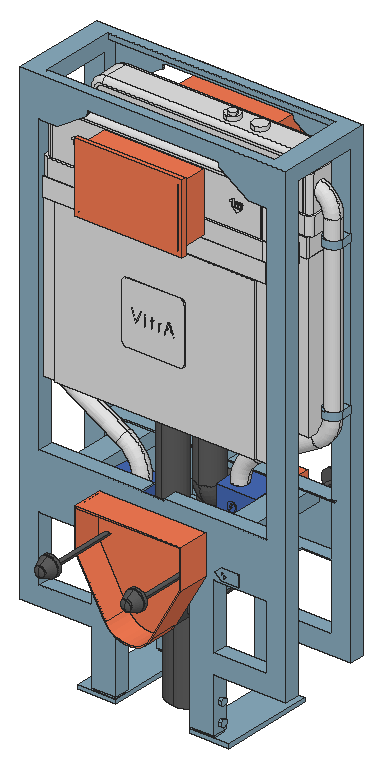
Revit family "ConcealedCistern-ForWallHungWCPans-8cm-InsideInPlasterboardWall-FloorMounting-AppliedBacktoBack-VitrA-768-5850", category Plumbing Fixtures, host Face, Revit 2017 (continued)
Forms (mm)
  Sweep 70, solid, material "White" <- "Secondary Material", detail levels medium+fine
    profile origin (258.677, 187.246, 779.575) x (1, 0, 0) y (0, 1, 0)
      loop
        circle (0, -120.458) r 16
  Extrusion 71, solid, material "Console" <- "Coating Material", detail levels medium+fine
    sketch origin (258.363, 79.327, 928.594) x (-1, 0, 0) y (0, -1, 0)
      loop
        line (-19.392, -10.698) -> (19.392, -10.698) -> (19.392, 12.12)
        arc (19.392, 12.12) -> (0, 31.512) -> (-19.392, 12.12) r 19.392
        line (-19.392, 12.12) -> (-19.392, -10.698)
      loop
        circle (0, 12.12) r 16.482
    from 0 to -14.948
  Extrusion 72, solid, material "Console" <- "Coating Material", detail levels medium+fine
    sketch origin (258.363, 79.359, 608.127) x (-1, 0, 0) y (0, -1, 0)
      loop
        line (-19.392, -10.698) -> (19.392, -10.698) -> (19.392, 12.12)
        arc (19.392, 12.12) -> (0, 31.512) -> (-19.392, 12.12) r 19.392
        line (-19.392, 12.12) -> (-19.392, -10.698)
      loop
        circle (0, 12.12) r 16.482
    from 0 to -14.948
  Extrusion 73, solid, material "White" <- "Secondary Material", detail levels medium+fine
    sketch origin (-330.625, -71.492, -4.493) x (1, 0, 0) y (0, 0, 1)
      loop
        line (160.157, 1028.393) -> (159.049, 1028.393)
        spline (159.049, 1028.393) -> (158.969, 1028.24) -> (158.88, 1028.087) -> (158.782, 1027.933) -> (158.676, 1027.778) -> (158.562, 1027.623) -> (158.439, 1027.468) -> (158.308, 1027.312) -> (158.168, 1027.155) -> (158.019, 1026.998) -> (157.862, 1026.839) -> (157.696, 1026.681) -> (157.521, 1026.521)
        spline (157.521, 1026.521) -> (157.338, 1026.361) -> (157.149, 1026.205) -> (156.955, 1026.054) -> (156.757, 1025.906) -> (156.554, 1025.763) -> (156.347, 1025.625) -> (156.134, 1025.49) -> (155.917, 1025.36) -> (155.695, 1025.233) -> (155.468, 1025.111) -> (155.236, 1024.993) -> (155, 1024.879)
        line (155, 1024.879) -> (155, 1023.217)
        spline (155, 1023.217) -> (155.135, 1023.267) -> (155.273, 1023.321) -> (155.414, 1023.38) -> (155.557, 1023.443) -> (155.703, 1023.51) -> (155.853, 1023.582) -> (156.005, 1023.658) -> (156.159, 1023.738) -> (156.317, 1023.822) -> (156.477, 1023.911) -> (156.641, 1024.004) -> (156.807, 1024.102)
        spline (156.807, 1024.102) -> (156.971, 1024.2) -> (157.13, 1024.299) -> (157.284, 1024.397) -> (157.433, 1024.496) -> (157.576, 1024.595) -> (157.715, 1024.693) -> (157.848, 1024.792) -> (157.976, 1024.891) -> (158.1, 1024.99) -> (158.217, 1025.089) -> (158.33, 1025.189) -> (158.438, 1025.289)
        line (158.438, 1025.289) -> (158.438, 1014.336) -> (160.157, 1014.336) -> (160.157, 1028.393)
      loop
        line (159.806, 1012.565) -> (168.75, 1005.41) -> (177.694, 1012.565) -> (159.806, 1012.565)
    from 0 to -5
  Extrusion 74, solid, material "White" <- "Secondary Material", detail levels medium+fine
    sketch origin (-330.625, 178.508, -4.493) x (1, 0, 0) y (0, 0, 1)
      loop
        arc (172.782, 1021.074) -> (175.115, 1023.225) -> (177.07, 1020.724) r 2.158
        line (177.07, 1020.724) -> (177.07, 1014.336) -> (178.779, 1014.336) -> (178.779, 1021.19)
        arc (178.779, 1021.19) -> (178.77, 1022.149) -> (178.456, 1023.055) r 2.96
        arc (178.456, 1023.055) -> (175.447, 1024.845) -> (172.438, 1023.055) r 3.423
        arc (172.438, 1023.055) -> (169.506, 1024.733) -> (166.574, 1023.055) r 3.4
        line (166.574, 1023.055) -> (166.574, 1024.478) -> (165.037, 1024.478) -> (165.037, 1014.336) -> (166.756, 1014.336) -> (166.756, 1021.058)
        arc (166.756, 1021.058) -> (168.978, 1023.212) -> (171.063, 1020.925) r 2.156
        line (171.063, 1020.925) -> (171.063, 1014.336) -> (172.782, 1014.336) -> (172.782, 1021.074)
    from 247.805 to 250
  Extrusion 75, solid, material "White" <- "Secondary Material", detail levels medium+fine
    sketch origin (0.938, 111.628, -6.368) x (-1, 0, 0) y (0, 0, 1)
      loop
        line (160.157, 1028.393) -> (159.049, 1028.393)
        spline (159.049, 1028.393) -> (158.969, 1028.24) -> (158.88, 1028.087) -> (158.782, 1027.933) -> (158.676, 1027.778) -> (158.562, 1027.623) -> (158.439, 1027.468) -> (158.308, 1027.312) -> (158.168, 1027.155) -> (158.019, 1026.998) -> (157.862, 1026.839) -> (157.696, 1026.681) -> (157.521, 1026.521)
        spline (157.521, 1026.521) -> (157.338, 1026.361) -> (157.149, 1026.205) -> (156.955, 1026.054) -> (156.757, 1025.906) -> (156.554, 1025.763) -> (156.347, 1025.625) -> (156.134, 1025.49) -> (155.917, 1025.36) -> (155.695, 1025.233) -> (155.468, 1025.111) -> (155.236, 1024.993) -> (155, 1024.879)
        line (155, 1024.879) -> (155, 1023.217)
        spline (155, 1023.217) -> (155.135, 1023.267) -> (155.273, 1023.321) -> (155.414, 1023.38) -> (155.557, 1023.443) -> (155.703, 1023.51) -> (155.853, 1023.582) -> (156.005, 1023.658) -> (156.159, 1023.738) -> (156.317, 1023.822) -> (156.477, 1023.911) -> (156.641, 1024.004) -> (156.807, 1024.102)
        spline (156.807, 1024.102) -> (156.971, 1024.2) -> (157.13, 1024.299) -> (157.284, 1024.397) -> (157.433, 1024.496) -> (157.576, 1024.595) -> (157.715, 1024.693) -> (157.848, 1024.792) -> (157.976, 1024.891) -> (158.1, 1024.99) -> (158.217, 1025.089) -> (158.33, 1025.189) -> (158.438, 1025.289)
        line (158.438, 1025.289) -> (158.438, 1014.336) -> (160.157, 1014.336) -> (160.157, 1028.393)
      loop
        line (159.806, 1012.565) -> (168.75, 1005.41) -> (177.694, 1012.565) -> (159.806, 1012.565)
    from 0 to -5
  Extrusion 76, solid, material "White" <- "Secondary Material", detail levels medium+fine
    sketch origin (0.938, -138.372, -6.368) x (-1, 0, 0) y (0, 0, 1)
      loop
        arc (172.782, 1021.074) -> (175.115, 1023.225) -> (177.07, 1020.724) r 2.158
        line (177.07, 1020.724) -> (177.07, 1014.336) -> (178.779, 1014.336) -> (178.779, 1021.19)
        arc (178.779, 1021.19) -> (178.77, 1022.149) -> (178.456, 1023.055) r 2.96
        arc (178.456, 1023.055) -> (175.447, 1024.845) -> (172.438, 1023.055) r 3.423
        arc (172.438, 1023.055) -> (169.506, 1024.733) -> (166.574, 1023.055) r 3.4
        line (166.574, 1023.055) -> (166.574, 1024.478) -> (165.037, 1024.478) -> (165.037, 1014.336) -> (166.756, 1014.336) -> (166.756, 1021.058)
        arc (166.756, 1021.058) -> (168.978, 1023.212) -> (171.063, 1020.925) r 2.156
        line (171.063, 1020.925) -> (171.063, 1014.336) -> (172.782, 1014.336) -> (172.782, 1021.074)
    from 247.805 to 250
  Extrusion 77, solid, material "White" <- "Secondary Material", detail levels medium+fine
    sketch origin (338.389, 111.628, -6.368) x (-1, 0, 0) y (0, 0, 1)
      loop
        line (160.157, 1028.393) -> (159.049, 1028.393)
        spline (159.049, 1028.393) -> (158.969, 1028.24) -> (158.88, 1028.087) -> (158.782, 1027.933) -> (158.676, 1027.778) -> (158.562, 1027.623) -> (158.439, 1027.468) -> (158.308, 1027.312) -> (158.168, 1027.155) -> (158.019, 1026.998) -> (157.862, 1026.839) -> (157.696, 1026.681) -> (157.521, 1026.521)
        spline (157.521, 1026.521) -> (157.338, 1026.361) -> (157.149, 1026.205) -> (156.955, 1026.054) -> (156.757, 1025.906) -> (156.554, 1025.763) -> (156.347, 1025.625) -> (156.134, 1025.49) -> (155.917, 1025.36) -> (155.695, 1025.233) -> (155.468, 1025.111) -> (155.236, 1024.993) -> (155, 1024.879)
        line (155, 1024.879) -> (155, 1023.217)
        spline (155, 1023.217) -> (155.135, 1023.267) -> (155.273, 1023.321) -> (155.414, 1023.38) -> (155.557, 1023.443) -> (155.703, 1023.51) -> (155.853, 1023.582) -> (156.005, 1023.658) -> (156.159, 1023.738) -> (156.317, 1023.822) -> (156.477, 1023.911) -> (156.641, 1024.004) -> (156.807, 1024.102)
        spline (156.807, 1024.102) -> (156.971, 1024.2) -> (157.13, 1024.299) -> (157.284, 1024.397) -> (157.433, 1024.496) -> (157.576, 1024.595) -> (157.715, 1024.693) -> (157.848, 1024.792) -> (157.976, 1024.891) -> (158.1, 1024.99) -> (158.217, 1025.089) -> (158.33, 1025.189) -> (158.438, 1025.289)
        line (158.438, 1025.289) -> (158.438, 1014.336) -> (160.157, 1014.336) -> (160.157, 1028.393)
      loop
        line (159.806, 1012.565) -> (168.75, 1005.41) -> (177.694, 1012.565) -> (159.806, 1012.565)
    from 0 to -5
  Extrusion 78, solid, material "White" <- "Secondary Material", detail levels medium+fine
    sketch origin (338.389, -138.372, -6.368) x (-1, 0, 0) y (0, 0, 1)
      loop
        arc (172.782, 1021.074) -> (175.115, 1023.225) -> (177.07, 1020.724) r 2.158
        line (177.07, 1020.724) -> (177.07, 1014.336) -> (178.779, 1014.336) -> (178.779, 1021.19)
        arc (178.779, 1021.19) -> (178.77, 1022.149) -> (178.456, 1023.055) r 2.96
        arc (178.456, 1023.055) -> (175.447, 1024.845) -> (172.438, 1023.055) r 3.423
        arc (172.438, 1023.055) -> (169.506, 1024.733) -> (166.574, 1023.055) r 3.4
        line (166.574, 1023.055) -> (166.574, 1024.478) -> (165.037, 1024.478) -> (165.037, 1014.336) -> (166.756, 1014.336) -> (166.756, 1021.058)
        arc (166.756, 1021.058) -> (168.978, 1023.212) -> (171.063, 1020.925) r 2.156
        line (171.063, 1020.925) -> (171.063, 1014.336) -> (172.782, 1014.336) -> (172.782, 1021.074)
    from 247.805 to 250
  Extrusion 79, solid, material "White" <- "Secondary Material", detail levels medium+fine
    sketch origin (43.272, 74.203, 1080.436) x (0, -1, 0) y (1, 0, 0)
      loop
        circle (-0.783, 56.644) r 15
      loop
        circle (0.254, 0.122) r 15
    from 0 to -7.29
  Extrusion 80, solid, material "White" <- "Secondary Material", detail levels medium+fine
    sketch origin (43.272, 73.812, 1084.875) x (1, 0, 0) y (0, 1, 0)
      loop
        circle (0.408, -0.319) r 8.702
    from 0 to -10.022
  Extrusion 81, solid, material "Console" <- "Coating Material", detail levels medium+fine
    sketch origin (-187.5, -76.269, 384.678) x (1, 0, 0) y (0, 1, 0)
      loop
        line (0, 1.216) -> (50, 1.216) -> (50, 193.784) -> (0, 193.784) -> (0, 1.216)
    from 0 to 29.691
  Extrusion 82, solid, material "Console" <- "Coating Material", detail levels medium+fine
    sketch origin (187.5, 118.731, 384.678) x (-1, 0, 0) y (0, -1, 0)
      loop
        line (0, 1.216) -> (50, 1.216) -> (50, 193.784) -> (0, 193.784) -> (0, 1.216)
    from 0 to 29.691
  Extrusion 83, solid, material "Console" <- "Coating Material", detail levels medium+fine
    sketch origin (127.5, -48.769, 302.178) x (0, 1, 0) y (-1, 0, 0)
      loop
        line (11.216, 0) -> (128.784, 0) -> (138.784, 0) -> (138.784, 50) -> (103.112, 50) -> (36.888, 50) -> (1.216, 50) -> (1.216, 0) -> (11.216, 0)
    from 0 to -30
  Extrusion 84, solid, material "Console" <- "Coating Material", detail levels medium+fine
    sketch origin (127.5, -48.769, 302.178) x (0, 1, 0) y (-1, 0, 0)
      loop
        line (128.784, 255) -> (11.216, 255) -> (1.216, 255) -> (1.216, 205) -> (36.888, 205) -> (103.112, 205) -> (138.784, 205) -> (138.784, 255) -> (128.784, 255)
    from 0 to -30
  Extrusion 85, solid, material "Console" <- "Coating Material", detail levels medium+fine
    sketch origin (-127.5, 90.015, 301.868) x (1, 0, 0) y (0, 0, 1)
      loop
        line (50, 33.02) -> (0.5, 33.02) -> (0.5, 3.02) -> (50, 3.02) -> (50, 33.02)
      loop
        line (255, 3.02) -> (255, 33.02) -> (205, 33.02) -> (205, 3.02) -> (255, 3.02)
    from 0 to -27.505
  Extrusion 86, solid, material "Console" <- "Coating Material", detail levels medium+fine
    sketch origin (-127.5, -19.985, 301.868) x (1, 0, 0) y (0, 0, 1)
      loop
        line (50, 33.02) -> (0.5, 33.02) -> (0.5, 3.02) -> (50, 3.02) -> (50, 33.02)
      loop
        line (255, 3.02) -> (255, 33.02) -> (205, 33.02) -> (205, 3.02) -> (255, 3.02)
    from 27.4 to 55.361
  Extrusion 87, solid, material "Console" <- "Coating Material", detail levels medium+fine
    sketch origin (239, 21.231, 1103.678) x (0, 0, 1) y (0, 1, 0)
      loop
        line (16.322, -71.116) -> (16.322, 68.784) -> (-15, 68.784) -> (-15, -71.116) -> (16.322, -71.116)
    from 1.5 to -38.5
  Extrusion 88, solid, material "Console" <- "Coating Material", detail levels medium+fine
    sketch origin (-277.25, 21.231, 1103.678) x (0, 0, 1) y (0, 1, 0)
      loop
        line (16.322, -71.116) -> (16.322, 71.34) -> (-15, 71.34) -> (-15, -71.116) -> (16.322, -71.116)
    from 0.25 to -40.041
  Extrusion 89, solid, material "Console" <- "Coating Material", detail levels medium+fine
    sketch origin (-135.6, 106.231, 31.678) x (0, 0, 1) y (0, 1, 0)
      loop
        line (-3.753, -6.5) -> (3.753, -6.5) -> (7.506, 0) -> (3.753, 6.5) -> (-3.753, 6.5) -> (-7.506, 0) -> (-3.753, -6.5)
    from 0 to -9.604
  Extrusion 90, solid, material "Console" <- "Coating Material", detail levels medium+fine
    sketch origin (-135.6, 106.231, 71.331) x (0, 0, 1) y (0, 1, 0)
      loop
        line (-3.753, -6.5) -> (3.753, -6.5) -> (7.506, 0) -> (3.753, 6.5) -> (-3.753, 6.5) -> (-7.506, 0) -> (-3.753, -6.5)
    from 0 to -9.604
  Extrusion 91, solid, material "Console" <- "Coating Material", detail levels medium+fine
    sketch origin (-135.6, -63.769, 31.678) x (0, 0, 1) y (0, 1, 0)
      loop
        line (-3.753, -6.5) -> (3.753, -6.5) -> (7.506, 0) -> (3.753, 6.5) -> (-3.753, 6.5) -> (-7.506, 0) -> (-3.753, -6.5)
    from 0 to -9.604
  Extrusion 92, solid, material "Console" <- "Coating Material", detail levels medium+fine
    sketch origin (-135.6, -63.769, 71.331) x (0, 0, 1) y (0, 1, 0)
      loop
        line (-3.753, -6.5) -> (3.753, -6.5) -> (7.506, 0) -> (3.753, 6.5) -> (-3.753, 6.5) -> (-7.506, 0) -> (-3.753, -6.5)
    from 0 to -9.604
  Extrusion 93, solid, material "Console" <- "Coating Material", detail levels medium+fine
    sketch origin (135.6, 106.231, 31.678) x (0, 0, 1) y (0, -1, 0)
      loop
        line (-3.753, 6.5) -> (-7.506, 0) -> (-3.753, -6.5) -> (3.753, -6.5) -> (7.506, 0) -> (3.753, 6.5) -> (-3.753, 6.5)
    from 0 to -9.604
  Extrusion 94, solid, material "Console" <- "Coating Material", detail levels medium+fine
    sketch origin (135.6, 106.231, 71.331) x (0, 0, 1) y (0, -1, 0)
      loop
        line (-3.753, 6.5) -> (-7.506, 0) -> (-3.753, -6.5) -> (3.753, -6.5) -> (7.506, 0) -> (3.753, 6.5) -> (-3.753, 6.5)
    from 0 to -9.604
  Extrusion 95, solid, material "Console" <- "Coating Material", detail levels medium+fine
    sketch origin (135.6, -63.769, 31.678) x (0, 0, 1) y (0, -1, 0)
      loop
        line (-3.753, 6.5) -> (-7.506, 0) -> (-3.753, -6.5) -> (3.753, -6.5) -> (7.506, 0) -> (3.753, 6.5) -> (-3.753, 6.5)
    from 0 to -9.604
  Extrusion 96, solid, material "Console" <- "Coating Material", detail levels medium+fine
    sketch origin (135.6, -63.769, 71.331) x (0, 0, 1) y (0, -1, 0)
      loop
        line (-3.753, 6.5) -> (-7.506, 0) -> (-3.753, -6.5) -> (3.753, -6.5) -> (7.506, 0) -> (3.753, 6.5) -> (-3.753, 6.5)
    from 0 to -9.604
  Extrusion 97, solid, material "Console" <- "Coating Material", detail levels medium+fine
    sketch origin (-245, 117.02, 305.789) x (0, -1, 0) y (1, 0, 0)
      loop
        line (76.5, 170) -> (76.5, 320) -> (37, 345) -> (37, 419.5) -> (27, 419.5) -> (27, 490) -> (-0.5, 490) -> (-0.5, 0) -> (27, 0) -> (27, 70.5) -> (37, 70.5) -> (37, 145) -> (76.5, 170)
      loop
        circle (44.407, 186.048) r 15
    from 0 to -2.5
  Extrusion 98, solid, detail levels coarse
    sketch origin (0, 40.136, 0) x (1, 0, 0) y (0, 0, -1)
      loop
        circle (0, -220) r 65
      loop
        circle (0, -357.605) r 26.044
    from 0 to 233.75
  Extrusion 99, solid, detail levels coarse
    sketch origin (0, 40.136, -2.5) x (1, 0, 0) y (0, 0, -1)
      loop
        line (111.37, -1075.159) -> (111.37, -932.335) -> (-111.368, -932.335) -> (-111.368, -1075.159) -> (111.37, -1075.159)
    from 70.438 to 140.438
Cuts and joins
  joined: Extrusion 1, Extrusion 2, Extrusion 3
  joined: Blend 13, Extrusion 14
  joined: Extrusion 15, Extrusion 16, Extrusion 25
  joined: Extrusion 17, Extrusion 18
  joined: Extrusion 4, Extrusion 5, Extrusion 6, Extrusion 7, Extrusion 8, Extrusion 9, Extrusion 10, Extrusion 11, Extrusion 12, Extrusion 40, Extrusion 41, Extrusion 42, Extrusion 43, Extrusion 44, Extrusion 45, Extrusion 46, Extrusion 47, Extrusion 48, Extrusion 71, Extrusion 72, Extrusion 81, Extrusion 82, Extrusion 83, Extrusion 84, Extrusion 85, Extrusion 86, Extrusion 87, Extrusion 88, Extrusion 89, Extrusion 90, Extrusion 91, Extrusion 92, Extrusion 93, Extrusion 94, Extrusion 95, Extrusion 96, Extrusion 97
Dimensions and locks
  host face to plane 4 = 1000 mm
  host face to plane 5 = 220 mm
  "Nominal Width (mm)": plane 6 to plane 7
  "Nominal Depth (mm)": plane 9 to plane 8
  "Nominal Height (mm)": plane 10 to plane 2
  host face to plane 12 = 1000 mm
  host face to plane 13 = 220 mm
  Extrusion 44 to Extrusion 29 = 199.904 mm
  aligned and locked: plane 2 to host face
  aligned and locked: level to host face
Automatic sketch dimensions
  host sketch curve to host sketch curve = 2438.4 mm  (x2)
  Extrusion 1 sketch curve to plane 6 = 0 mm
  Extrusion 1 sketch curve to plane 7 = 0 mm
  Extrusion 1 sketch curve to plane 8 = 0 mm
  Extrusion 1 sketch curve to plane 11 = 99.952 mm
  Extrusion 2 sketch curve to plane 3 "Center (Left/Right)" = 0 mm  (x2)
  Extrusion 2 sketch curve to plane 5 = 0 mm
  Extrusion 2 sketch curve to Extrusion 2 sketch curve = 137.605 mm
  Extrusion 3 sketch curve to plane 10 = 47.341 mm
  Extrusion 3 sketch curve to plane 3 "Center (Left/Right)" = 111.368 mm
  plane 3 "Center (Left/Right)" to Extrusion 3 sketch curve = 111.37 mm
  plane 4 to Extrusion 3 sketch curve = 70.165 mm
  plane 10 to Extrusion 4 sketch curve = 0 mm
  plane 8 to Extrusion 4 sketch curve = 0 mm
  Extrusion 4 sketch curve to plane 10 = 12 mm
  Extrusion 4 sketch curve to Extrusion 4 sketch curve = 20 mm
  plane 7 to Extrusion 5 sketch curve = 47.5 mm
  Extrusion 5 sketch curve to Extrusion 5 sketch curve = 36.052 mm
  Extrusion 5 sketch curve to plane 4 = 38.689 mm  (x2)
  Extrusion 5 sketch curve to Extrusion 5 sketch curve = 2.672 mm  (x4)
  Extrusion 5 sketch curve to Extrusion 5 sketch curve = 59.698 mm  (x2)
  Extrusion 5 sketch curve to plane 10 = 41.472 mm  (x2)
  Extrusion 5 sketch curve to Extrusion 5 sketch curve = 2.328 mm  (x2)
  Extrusion 5 sketch curve to Extrusion 5 sketch curve = 3 mm  (x2)
  Extrusion 5 sketch curve to plane 10 = 30 mm
  Extrusion 5 sketch curve to plane 3 "Center (Left/Right)" = 133.75 mm
  Extrusion 5 sketch curve to plane 10 = 12 mm
  Extrusion 5 sketch curve to plane 6 = 47.791 mm
  Extrusion 5 sketch curve to Extrusion 5 sketch curve = 4.226 mm  (x2)
  Extrusion 6 sketch curve to plane 10 = 0 mm  (x2)
  Extrusion 6 sketch curve to plane 6 = 7.5 mm
  Extrusion 6 sketch curve to Extrusion 6 sketch curve = 40.291 mm
  plane 5 to Extrusion 6 sketch curve = 52.711 mm  (x2)
  Extrusion 6 sketch curve to Extrusion 6 sketch curve = 109.709 mm
  level to Extrusion 6 sketch curve = 12.789 mm  (x2)
  Extrusion 6 sketch curve to plane 3 "Center (Left/Right)" = 127.5 mm
  Extrusion 6 sketch curve to Extrusion 6 sketch curve = 50 mm
  plane 3 "Center (Left/Right)" to Extrusion 6 sketch curve = 77.5 mm
  plane 3 "Center (Left/Right)" to Extrusion 6 sketch curve = 127.5 mm
  Extrusion 6 sketch curve to Extrusion 6 sketch curve = 0 mm
  plane 7 to Extrusion 6 sketch curve = 47.5 mm
  plane 7 to Extrusion 6 sketch curve = 7.5 mm
  Extrusion 6 sketch curve to plane 5 = 83.289 mm  (x2)
  Extrusion 6 sketch curve to Extrusion 6 sketch curve = 40 mm  (x2)
  Extrusion 7 sketch curve to level = 0.211 mm  (x2)
  level to Extrusion 7 sketch curve = 7.789 mm  (x2)
  plane 7 to Extrusion 7 sketch curve = 127.5 mm
  plane 3 "Center (Left/Right)" to Extrusion 7 sketch curve = 77.5 mm
  Extrusion 7 sketch curve to plane 3 "Center (Left/Right)" = 77.5 mm
  Extrusion 7 sketch curve to Extrusion 7 sketch curve = 80 mm
  plane 8 to Extrusion 8 sketch curve = 27.5 mm  (x2)
  Extrusion 8 sketch curve to plane 3 "Center (Left/Right)" = 125.996 mm
  Extrusion 8 sketch curve to Extrusion 8 sketch curve = 45.002 mm  (x2)
  plane 3 "Center (Left/Right)" to Extrusion 8 sketch curve = 80.994 mm
  plane 8 to Extrusion 8 sketch curve = 2.5 mm  (x2)
  plane 3 "Center (Left/Right)" to Extrusion 9 sketch curve = 22.494 mm
  Extrusion 9 sketch curve to plane 5 = 195.789 mm
  Extrusion 9 sketch curve to Extrusion 9 sketch curve = 0 mm
  Extrusion 9 sketch curve to Extrusion 9 sketch curve = 2.5 mm  (x2)
  Extrusion 9 sketch curve to plane 3 "Center (Left/Right)" = 22.494 mm
  Extrusion 9 sketch curve to plane 6 = 40 mm
  plane 7 to Extrusion 9 sketch curve = 40 mm
  plane 8 to Extrusion 10 sketch curve = 2.5 mm
  Extrusion 10 sketch curve to Extrusion 10 sketch curve = 27.5 mm
  plane 8 to Extrusion 10 sketch curve = 30 mm
  plane 1 "Center (Front/Back)" to Extrusion 10 sketch curve = 39.884 mm
  Extrusion 10 sketch curve to Extrusion 10 sketch curve = 10 mm
  plane 1 "Center (Front/Back)" to Extrusion 10 sketch curve = 32.477 mm
  plane 1 "Center (Front/Back)" to Extrusion 10 sketch curve = 0.384 mm
  plane 7 to Extrusion 10 sketch curve = 40 mm
  Extrusion 10 sketch curve to Extrusion 10 sketch curve = 70.5 mm
  Extrusion 10 sketch curve to Extrusion 10 sketch curve = 74.5 mm  (x2)
  Extrusion 10 sketch curve to Extrusion 10 sketch curve = 25 mm  (x2)
  Extrusion 10 sketch curve to Extrusion 10 sketch curve = 16.048 mm
  Extrusion 10 sketch curve to plane 3 "Center (Left/Right)" = 75 mm
  Extrusion 10 sketch curve to plane 6 = 40 mm
  plane 7 to Extrusion 11 sketch curve = 40 mm
  Extrusion 11 sketch curve to Extrusion 11 sketch curve = 78 mm
  Extrusion 11 sketch curve to Extrusion 11 sketch curve = 40 mm  (x2)
  plane 3 "Center (Left/Right)" to Extrusion 11 sketch curve = 22.494 mm
  Extrusion 11 sketch curve to plane 3 "Center (Left/Right)" = 22.494 mm
  Extrusion 11 sketch curve to Extrusion 11 sketch curve = 104.506 mm
  Extrusion 11 sketch curve to plane 6 = 40 mm
  Extrusion 11 sketch curve to plane 5 = 198.289 mm  (x2)
  Extrusion 11 sketch curve to Extrusion 11 sketch curve = 0 mm  (x2)
  Extrusion 11 sketch curve to Extrusion 11 sketch curve = 2.5 mm  (x3)
  Extrusion 11 sketch curve to plane 5 = 83.289 mm
  Extrusion 12 sketch curve to Extrusion 12 sketch curve = 0 mm  (x2)
  plane 3 "Center (Left/Right)" to Extrusion 12 sketch curve = 130 mm
  Extrusion 12 sketch curve to Extrusion 12 sketch curve = 13 mm  (x2)
  Extrusion 12 sketch curve to Extrusion 12 sketch curve = 0.501 mm
  Extrusion 12 sketch curve to Extrusion 12 sketch curve = 5.399 mm  (x3)
  Extrusion 12 sketch curve to Extrusion 12 sketch curve = 0.1 mm  (x3)
  Extrusion 12 sketch curve to Extrusion 12 sketch curve = 25.501 mm
  Extrusion 12 sketch curve to plane 5 = 87.289 mm
  Extrusion 12 sketch curve to Extrusion 12 sketch curve = 7.001 mm
  Extrusion 12 sketch curve to Extrusion 12 sketch curve = 12.5 mm
  Extrusion 12 sketch curve to Extrusion 12 sketch curve = 25 mm
  Blend 13 sketch curve to plane 3 "Center (Left/Right)" = 122.5 mm
  Blend 13 sketch curve to plane 3 "Center (Left/Right)" = 41.187 mm
  Blend 13 sketch curve to plane 5 = 182.167 mm
  Blend 13 sketch curve to Blend 13 sketch curve = 62.374 mm
  Blend 13 sketch curve to plane 3 "Center (Left/Right)" = 38.348 mm
  Blend 13 sketch curve to plane 5 = 185.006 mm
  Blend 13 sketch curve to Blend 13 sketch curve = 68.052 mm
  Blend 13 sketch curve to Blend 13 sketch curve = 86.991 mm
  Extrusion 14 sketch curve to plane 3 "Center (Left/Right)" = 68.989 mm
  Extrusion 14 sketch curve to Extrusion 14 sketch curve = 0.036 mm
  Extrusion 14 sketch curve to Extrusion 14 sketch curve = 2.744 mm
  Extrusion 14 sketch curve to Extrusion 14 sketch curve = 0.046 mm
  Extrusion 14 sketch curve to Extrusion 14 sketch curve = 0.937 mm
  Extrusion 14 sketch curve to Extrusion 14 sketch curve = 1.259 mm
  Extrusion 14 sketch curve to Extrusion 14 sketch curve = 5 mm
  Extrusion 14 sketch curve to Extrusion 14 sketch curve = 2.884 mm
  Extrusion 14 sketch curve to plane 5 = 143.428 mm
  Extrusion 14 sketch curve to Extrusion 14 sketch curve = 5.995 mm
  Extrusion 14 sketch curve to Extrusion 14 sketch curve = 1.264 mm
  Extrusion 14 sketch curve to Extrusion 14 sketch curve = 1.408 mm
  Extrusion 14 sketch curve to Extrusion 14 sketch curve = 1.472 mm
  Extrusion 14 sketch curve to Extrusion 14 sketch curve = 4.497 mm
  Extrusion 15 sketch curve to Extrusion 15 sketch curve = 0 mm  (x6)
  Extrusion 15 sketch curve to plane 3 "Center (Left/Right)" = 0 mm
  Extrusion 15 sketch curve to plane 5 = 83.289 mm
  Extrusion 15 sketch curve to plane 3 "Center (Left/Right)" = 43.587 mm
  Extrusion 15 sketch curve to Extrusion 15 sketch curve = 13.8 mm
  plane 3 "Center (Left/Right)" to Extrusion 15 sketch curve = 43.421 mm
  Extrusion 15 sketch curve to Extrusion 15 sketch curve = 14.256 mm
  plane 3 "Center (Left/Right)" to Extrusion 15 sketch curve = 35.386 mm
  Extrusion 15 sketch curve to Extrusion 15 sketch curve = 22.076 mm
  Extrusion 15 sketch curve to plane 3 "Center (Left/Right)" = 35.386 mm
  Extrusion 15 sketch curve to Extrusion 15 sketch curve = 22.532 mm
  Extrusion 15 sketch curve to Extrusion 15 sketch curve = 15.168 mm
  Extrusion 15 sketch curve to Extrusion 15 sketch curve = 22.468 mm  (x2)
  Extrusion 15 sketch curve to Extrusion 15 sketch curve = 12.327 mm
  Extrusion 16 sketch curve to plane 5 = 48.985 mm
  Extrusion 16 sketch curve to Extrusion 16 sketch curve = 8.745 mm
  Extrusion 16 sketch curve to plane 5 = 49.044 mm
  Extrusion 16 sketch curve to Extrusion 16 sketch curve = 15.194 mm
  Extrusion 16 sketch curve to Extrusion 16 sketch curve = 50.761 mm
  Extrusion 16 sketch curve to Extrusion 16 sketch curve = 6.045 mm
  Extrusion 16 sketch curve to Extrusion 16 sketch curve = 28.2 mm
  Extrusion 16 sketch curve to Extrusion 16 sketch curve = 14.046 mm
  Extrusion 16 sketch curve to Extrusion 16 sketch curve = 0.21 mm
  Extrusion 17 sketch curve to plane 3 "Center (Left/Right)" = 0 mm
  Extrusion 17 sketch curve to plane 5 = 167.024 mm
  Extrusion 17 sketch curve to Extrusion 17 sketch curve = 82.811 mm  (x2)
  plane 5 to Extrusion 17 sketch curve = 0.211 mm
  plane 5 to Extrusion 17 sketch curve = 27.13 mm  (x2)
  plane 3 "Center (Left/Right)" to Extrusion 17 sketch curve = 48.748 mm
  plane 3 "Center (Left/Right)" to Extrusion 17 sketch curve = 110.235 mm
  Extrusion 17 sketch curve to plane 3 "Center (Left/Right)" = 110.235 mm
  Extrusion 18 sketch curve to Extrusion 18 sketch curve = 0 mm  (x2)
  Extrusion 18 sketch curve to plane 3 "Center (Left/Right)" = 0 mm
  Extrusion 18 sketch curve to plane 3 "Center (Left/Right)" = 47.215 mm
  plane 5 to Extrusion 18 sketch curve = 27.13 mm  (x2)
  Extrusion 18 sketch curve to Extrusion 18 sketch curve = 1.533 mm
  Extrusion 18 sketch curve to plane 3 "Center (Left/Right)" = 108.484 mm
  Extrusion 18 sketch curve to Extrusion 18 sketch curve = 1.751 mm  (x3)
  plane 5 to Extrusion 18 sketch curve = 26.284 mm
  plane 3 "Center (Left/Right)" to Extrusion 18 sketch curve = 47.215 mm
  plane 3 "Center (Left/Right)" to Extrusion 18 sketch curve = 108.484 mm
  plane 5 to Extrusion 18 sketch curve = 0.211 mm
  Extrusion 18 sketch curve to plane 5 = 84.213 mm  (x2)
  Extrusion 18 sketch curve to Extrusion 18 sketch curve = 0.451 mm  (x2)
  Extrusion 18 sketch curve to Extrusion 18 sketch curve = 80.609 mm
  Sweep 19 sketch curve to plane 6 = 26.323 mm
  Sweep 19 sketch curve to plane 6 = 56.323 mm
  Sweep 19 sketch curve to plane 4 = 9.502 mm
  Sweep 19 sketch curve to Sweep 19 sketch curve = 30.349 mm
  plane 4 to Sweep 19 sketch curve = 33.046 mm
  Sweep 19 sketch curve to Sweep 19 sketch curve = 30 mm
  Sweep 19 sketch curve to plane 3 "Center (Left/Right)" = 140.153 mm
  Sweep 19 sketch curve to Sweep 19 sketch curve = 37.5 mm
  Sweep 19 sketch curve to plane 3 "Center (Left/Right)" = 65.153 mm
  Sweep 19 sketch curve to plane 5 = 372.196 mm
  Sweep 19 sketch curve to Sweep 19 sketch curve = 72.76 mm
  Sweep 19 sketch curve to plane 4 = 24.436 mm
  Sweep 19 sketch curve to Sweep 19 sketch curve = 43.371 mm
  Sweep 19 sketch curve to Sweep 19 sketch curve = 14.831 mm
  Sweep 19 sketch curve to profile plane = 0 mm
  Sweep 19 sketch curve to profile plane = 120.458 mm
  Extrusion 20 sketch curve to plane 10 = 46.33 mm
  plane 3 "Center (Left/Right)" to Extrusion 20 sketch curve = 111.854 mm
  Extrusion 20 sketch curve to plane 3 "Center (Left/Right)" = 112.858 mm
  plane 4 to Extrusion 20 sketch curve = 71.344 mm
  plane 3 "Center (Left/Right)" to Extrusion 21 sketch curve = 102.614 mm
  Extrusion 21 sketch curve to plane 3 "Center (Left/Right)" = 103.522 mm
  Extrusion 21 sketch curve to plane 10 = 58.082 mm
  plane 4 to Extrusion 21 sketch curve = 61.918 mm
  Extrusion 22 sketch curve to plane 3 "Center (Left/Right)" = 89.844 mm
  plane 3 "Center (Left/Right)" to Extrusion 22 sketch curve = 90.156 mm
  Extrusion 22 sketch curve to plane 5 = 98.125 mm  (x2)
  Revolve 23 sketch curve to plane 8 = 185.605 mm
  Revolve 23 sketch curve to Revolve 23 sketch curve = 3.603 mm
  Revolve 23 sketch curve to Revolve 23 sketch curve = 0.809 mm
  Revolve 23 sketch curve to Revolve 23 sketch curve = 17.254 mm
  Revolve 23 sketch curve to Revolve 23 sketch curve = 1.857 mm
  Revolve 23 sketch curve to Revolve 23 sketch curve = 2.041 mm
  Revolve 23 sketch curve to Revolve 23 sketch curve = 2.428 mm
  Revolve 23 sketch curve to Revolve 23 sketch curve = 10.333 mm
  Revolve 23 sketch curve to plane 5 = 81.634 mm
  Revolve 23 sketch curve to Revolve 23 sketch curve = 0.416 mm
  Revolve 23 sketch curve to Revolve 23 sketch curve = 0.501 mm
  Revolve 23 sketch curve to Revolve 23 sketch curve = 8.816 mm
  Revolve 23 sketch curve to Revolve 23 sketch curve = 1.829 mm
  Revolve 23 sketch curve to Revolve 23 sketch curve = 9.438 mm
  Revolve 23 sketch curve to Revolve 23 sketch curve = 7 mm
  Revolve 23 sketch curve to Revolve 23 sketch curve = 0.333 mm
  Revolve 23 sketch curve to Revolve 23 sketch curve = 0 mm
  Revolve 24 sketch curve to plane 8 = 185.605 mm
  Revolve 24 sketch curve to Revolve 24 sketch curve = 3.603 mm
  Revolve 24 sketch curve to Revolve 24 sketch curve = 0.809 mm
  Revolve 24 sketch curve to Revolve 24 sketch curve = 17.254 mm
  Revolve 24 sketch curve to Revolve 24 sketch curve = 1.857 mm
  Revolve 24 sketch curve to Revolve 24 sketch curve = 2.041 mm
  Revolve 24 sketch curve to Revolve 24 sketch curve = 2.428 mm
  Revolve 24 sketch curve to Revolve 24 sketch curve = 10.333 mm
  Revolve 24 sketch curve to plane 5 = 81.634 mm
  Revolve 24 sketch curve to Revolve 24 sketch curve = 0.416 mm
  Revolve 24 sketch curve to Revolve 24 sketch curve = 0.501 mm
  Revolve 24 sketch curve to Revolve 24 sketch curve = 8.816 mm
  Revolve 24 sketch curve to Revolve 24 sketch curve = 1.829 mm
  Revolve 24 sketch curve to Revolve 24 sketch curve = 9.438 mm
  Revolve 24 sketch curve to Revolve 24 sketch curve = 7 mm
  Revolve 24 sketch curve to Revolve 24 sketch curve = 0.333 mm
  Revolve 24 sketch curve to Revolve 24 sketch curve = 0 mm
  Extrusion 25 sketch curve to Extrusion 25 sketch curve = 0 mm  (x4)
  plane 5 to Extrusion 25 sketch curve = 5.962 mm
  Extrusion 25 sketch curve to plane 3 "Center (Left/Right)" = 59.019 mm
  Extrusion 25 sketch curve to plane 3 "Center (Left/Right)" = 29.928 mm
  plane 5 to Extrusion 25 sketch curve = 10.279 mm  (x2)
  Extrusion 25 sketch curve to plane 3 "Center (Left/Right)" = 29.596 mm
  plane 3 "Center (Left/Right)" to Extrusion 25 sketch curve = 0.021 mm
  plane 3 "Center (Left/Right)" to Extrusion 25 sketch curve = 29.596 mm
  plane 3 "Center (Left/Right)" to Extrusion 25 sketch curve = 30.072 mm
  plane 5 to Extrusion 25 sketch curve = 6.857 mm
  Extrusion 25 sketch curve to Extrusion 25 sketch curve = 29.491 mm
  Extrusion 25 sketch curve to plane 5 = 0.424 mm
  Extrusion 25 sketch curve to plane 5 = 64.542 mm
  Extrusion 25 sketch curve to Extrusion 25 sketch curve = 0.114 mm
  Extrusion 25 sketch curve to Extrusion 25 sketch curve = 18.632 mm
  Extrusion 25 sketch curve to Extrusion 25 sketch curve = 18.748 mm
  plane 5 to Extrusion 25 sketch curve = 6.301 mm
  plane 8 to Sweep 26 sketch curve = 22.038 mm
  plane 1 "Center (Front/Back)" to Sweep 26 sketch curve = 27.846 mm
  Sweep 26 sketch curve to plane 5 = 134.854 mm
  plane 8 to Sweep 26 sketch curve = 4.538 mm
  Sweep 26 sketch curve to Sweep 26 sketch curve = 175 mm
  Sweep 26 sketch curve to profile plane = 0 mm  (x2)
  Extrusion 27 sketch curve to Extrusion 27 sketch curve = 0 mm  (x2)
  Extrusion 27 sketch curve to plane 3 "Center (Left/Right)" = 0 mm
  Extrusion 27 sketch curve to plane 5 = 0.031 mm
  plane 5 to Extrusion 27 sketch curve = 52.775 mm
  Extrusion 29 sketch curve to Extrusion 1 = 0 mm  (x4)
  Sweep 30 sketch curve to plane 4 = 43.146 mm  (x2)
  Sweep 30 sketch curve to Sweep 30 sketch curve = 20 mm
  plane 7 to Sweep 30 sketch curve = 63.618 mm
  Sweep 30 sketch curve to plane 6 = 83.774 mm
  plane 4 to Sweep 30 sketch curve = 32.064 mm  (x2)
  Sweep 30 sketch curve to profile plane = 0 mm  (x2)
  profile plane to Sweep 30 sketch curve = 5 mm
  Sweep 30 sketch curve to profile plane = 68.448 mm
  Sweep 30 sketch curve to Sweep 30 sketch curve = 10.038 mm
  Sweep 30 sketch curve to profile plane = 10.194 mm
  plane 4 to Extrusion 31 sketch curve = 32.064 mm
  Extrusion 31 sketch curve to plane 4 = 43.146 mm  (x2)
  Extrusion 31 sketch curve to Extrusion 31 sketch curve = 15 mm
  plane 7 to Extrusion 31 sketch curve = 68.618 mm
  Extrusion 31 sketch curve to plane 6 = 83.774 mm
  plane 7 to Extrusion 32 sketch curve = 48.696 mm
  plane 9 to Extrusion 32 sketch curve = 4.934 mm
  Extrusion 32 sketch curve to Extrusion 32 sketch curve = 12 mm  (x2)
  plane 8 to Extrusion 32 sketch curve = 5.305 mm
  Extrusion 32 sketch curve to plane 6 = 60.533 mm
  plane 8 to Extrusion 32 sketch curve = 17.305 mm
  Extrusion 32 sketch curve to Extrusion 32 sketch curve = 0 mm  (x2)
  plane 7 to Extrusion 33 sketch curve = 52.298 mm
  Extrusion 33 sketch curve to plane 6 = 53.785 mm
  Extrusion 33 sketch curve to Extrusion 33 sketch curve = 4.445 mm  (x2)
  Extrusion 33 sketch curve to Extrusion 33 sketch curve = 77.893 mm  (x2)
  Extrusion 33 sketch curve to Extrusion 33 sketch curve = 3.59 mm
  plane 1 "Center (Front/Back)" to Extrusion 34 sketch curve = 34.85 mm
  plane 1 "Center (Front/Back)" to Extrusion 34 sketch curve = 33.813 mm
  Extrusion 34 sketch curve to plane 3 "Center (Left/Right)" = 43.394 mm
  Extrusion 34 sketch curve to Extrusion 34 sketch curve = 56.521 mm
  plane 8 to Extrusion 35 sketch curve = 6.282 mm
  Extrusion 35 sketch curve to plane 6 = 51.776 mm
  plane 9 to Extrusion 35 sketch curve = 4.175 mm  (x2)
  Extrusion 35 sketch curve to Extrusion 35 sketch curve = 25.501 mm  (x2)
  plane 8 to Extrusion 35 sketch curve = 2.733 mm
  plane 7 to Extrusion 35 sketch curve = 75.185 mm  (x2)
  plane 8 to Extrusion 35 sketch curve = 4.795 mm
  Extrusion 35 sketch curve to Extrusion 35 sketch curve = 23.661 mm
  Extrusion 35 sketch curve to Extrusion 35 sketch curve = 3.6 mm
  Extrusion 36 sketch curve to plane 3 "Center (Left/Right)" = 43.679 mm
  plane 1 "Center (Front/Back)" to Extrusion 36 sketch curve = 33.357 mm
  Extrusion 37 sketch curve to plane 3 "Center (Left/Right)" = 0 mm
  Extrusion 37 sketch curve to plane 3 "Center (Left/Right)" = 0.641 mm
  Extrusion 37 sketch curve to plane 3 "Center (Left/Right)" = 0.644 mm
  Extrusion 37 sketch curve to plane 3 "Center (Left/Right)" = 0.797 mm
  Extrusion 37 sketch curve to plane 3 "Center (Left/Right)" = 1.239 mm
  Extrusion 37 sketch curve to Extrusion 37 sketch curve = 1.778 mm
  Extrusion 37 sketch curve to Extrusion 37 sketch curve = 2.58 mm
  Extrusion 37 sketch curve to Extrusion 37 sketch curve = 2.84 mm
  Extrusion 37 sketch curve to Extrusion 37 sketch curve = 2.96 mm
  Extrusion 37 sketch curve to Extrusion 37 sketch curve = 0.685 mm
  Extrusion 37 sketch curve to Extrusion 37 sketch curve = 10.527 mm
  Extrusion 37 sketch curve to Extrusion 37 sketch curve = 0.07 mm
  Extrusion 37 sketch curve to Extrusion 37 sketch curve = 12.294 mm
  Extrusion 37 sketch curve to Extrusion 37 sketch curve = 1.546 mm
  Extrusion 37 sketch curve to Extrusion 37 sketch curve = 1.859 mm
  Extrusion 37 sketch curve to Extrusion 37 sketch curve = 2.945 mm
  Extrusion 37 sketch curve to Extrusion 37 sketch curve = 0.086 mm
  Extrusion 37 sketch curve to Extrusion 37 sketch curve = 8.046 mm
  Extrusion 37 sketch curve to Extrusion 37 sketch curve = 0.71 mm  (x2)
  Extrusion 37 sketch curve to Extrusion 37 sketch curve = 0.688 mm  (x2)
  Extrusion 37 sketch curve to Extrusion 37 sketch curve = 14.834 mm
  Extrusion 37 sketch curve to Extrusion 37 sketch curve = 1.451 mm
  Extrusion 37 sketch curve to Extrusion 37 sketch curve = 2.51 mm  (x2)
  Extrusion 37 sketch curve to Extrusion 37 sketch curve = 1.059 mm  (x2)
  Extrusion 37 sketch curve to Extrusion 37 sketch curve = 17.656 mm
  Extrusion 37 sketch curve to Extrusion 37 sketch curve = 17.976 mm
  Extrusion 37 sketch curve to Extrusion 37 sketch curve = 11.658 mm
  Extrusion 37 sketch curve to Extrusion 37 sketch curve = 10 mm  (x2)
  plane 3 "Center (Left/Right)" to Extrusion 37 sketch curve = 2.861 mm
  Extrusion 37 sketch curve to Extrusion 37 sketch curve = 0.937 mm
  Extrusion 37 sketch curve to Extrusion 37 sketch curve = 7.721 mm
  plane 3 "Center (Left/Right)" to Extrusion 37 sketch curve = 11.889 mm
  Extrusion 37 sketch curve to Extrusion 37 sketch curve = 1.502 mm
  Extrusion 37 sketch curve to Extrusion 37 sketch curve = 1.858 mm
  Extrusion 37 sketch curve to Extrusion 37 sketch curve = 2.553 mm
  Extrusion 37 sketch curve to Extrusion 37 sketch curve = 0.693 mm
  Extrusion 37 sketch curve to Extrusion 37 sketch curve = 4.368 mm
  Extrusion 37 sketch curve to Extrusion 37 sketch curve = 0.781 mm
  Extrusion 37 sketch curve to Extrusion 37 sketch curve = 9.696 mm
  Extrusion 37 sketch curve to Extrusion 37 sketch curve = 0.531 mm
  Extrusion 37 sketch curve to Extrusion 37 sketch curve = 0.879 mm
  Extrusion 37 sketch curve to Extrusion 37 sketch curve = 13.246 mm
  Extrusion 37 sketch curve to Extrusion 37 sketch curve = 0.258 mm
  Extrusion 37 sketch curve to Extrusion 37 sketch curve = 0.179 mm
  Extrusion 37 sketch curve to Extrusion 37 sketch curve = 1.384 mm
  Extrusion 37 sketch curve to Extrusion 37 sketch curve = 1.96 mm
  Extrusion 37 sketch curve to Extrusion 37 sketch curve = 1.397 mm
  Extrusion 37 sketch curve to Extrusion 37 sketch curve = 5.74 mm
  Extrusion 37 sketch curve to Extrusion 37 sketch curve = 0.284 mm
  Extrusion 37 sketch curve to Extrusion 37 sketch curve = 0.376 mm
  Extrusion 37 sketch curve to Extrusion 37 sketch curve = 1.63 mm
  Extrusion 37 sketch curve to Extrusion 37 sketch curve = 3.257 mm
  Extrusion 37 sketch curve to Extrusion 37 sketch curve = 0.824 mm
  Extrusion 37 sketch curve to Extrusion 37 sketch curve = 0.532 mm
  Extrusion 37 sketch curve to Extrusion 37 sketch curve = 11.499 mm
  plane 3 "Center (Left/Right)" to Extrusion 37 sketch curve = 55 mm
  plane 4 to Extrusion 37 sketch curve = 325.191 mm
  Extrusion 37 sketch curve to Extrusion 37 sketch curve = 41.818 mm
  Extrusion 37 sketch curve to Extrusion 37 sketch curve = 0.011 mm
  Extrusion 37 sketch curve to Extrusion 37 sketch curve = 0.223 mm  (x2)
  Extrusion 37 sketch curve to Extrusion 37 sketch curve = 0.584 mm
  Extrusion 37 sketch curve to Extrusion 37 sketch curve = 0.58 mm
  Extrusion 37 sketch curve to Extrusion 37 sketch curve = 0.129 mm
  Extrusion 37 sketch curve to Extrusion 37 sketch curve = 0.071 mm
  Extrusion 37 sketch curve to Extrusion 37 sketch curve = 0.201 mm
  Extrusion 37 sketch curve to Extrusion 37 sketch curve = 0.002 mm
  Extrusion 37 sketch curve to Extrusion 37 sketch curve = 1.093 mm
  Extrusion 37 sketch curve to Extrusion 37 sketch curve = 0.847 mm
  Extrusion 37 sketch curve to Extrusion 37 sketch curve = 2.594 mm
  Extrusion 37 sketch curve to Extrusion 37 sketch curve = 0.413 mm
  Extrusion 37 sketch curve to Extrusion 37 sketch curve = 8.73 mm
  Extrusion 37 sketch curve to Extrusion 37 sketch curve = 9.031 mm
  Extrusion 37 sketch curve to Extrusion 37 sketch curve = 1.187 mm
  Extrusion 37 sketch curve to Extrusion 37 sketch curve = 9.563 mm
  Extrusion 37 sketch curve to Extrusion 37 sketch curve = 0.343 mm
  Extrusion 37 sketch curve to Extrusion 37 sketch curve = 1.963 mm
  Extrusion 37 sketch curve to Extrusion 37 sketch curve = 1.53 mm
  Extrusion 37 sketch curve to Extrusion 37 sketch curve = 2.32 mm
  Extrusion 37 sketch curve to Extrusion 37 sketch curve = 3.431 mm
  Extrusion 37 sketch curve to Extrusion 37 sketch curve = 2.92 mm
  Extrusion 37 sketch curve to Extrusion 37 sketch curve = 1.049 mm
  Extrusion 37 sketch curve to Extrusion 37 sketch curve = 0.667 mm
  Extrusion 37 sketch curve to Extrusion 37 sketch curve = 13.754 mm
  Extrusion 37 sketch curve to Extrusion 37 sketch curve = 0 mm
  Extrusion 37 sketch curve to Extrusion 37 sketch curve = 3.29 mm
  Extrusion 37 sketch curve to Extrusion 37 sketch curve = 1.708 mm
  Extrusion 37 sketch curve to Extrusion 37 sketch curve = 1.713 mm
  Extrusion 37 sketch curve to Extrusion 37 sketch curve = 1.396 mm
  Extrusion 37 sketch curve to Extrusion 37 sketch curve = 2.653 mm
  Extrusion 37 sketch curve to Extrusion 37 sketch curve = 3.52 mm
  Extrusion 37 sketch curve to Extrusion 37 sketch curve = 3.889 mm
  Extrusion 37 sketch curve to Extrusion 37 sketch curve = 1.019 mm
  Extrusion 37 sketch curve to Extrusion 37 sketch curve = 1.585 mm
  Extrusion 37 sketch curve to Extrusion 37 sketch curve = 1.763 mm
  Extrusion 37 sketch curve to Extrusion 37 sketch curve = 7.024 mm
  Extrusion 37 sketch curve to Extrusion 37 sketch curve = 5.119 mm
  Extrusion 37 sketch curve to Extrusion 37 sketch curve = 4.575 mm
  Extrusion 37 sketch curve to Extrusion 37 sketch curve = 0.024 mm
  Extrusion 37 sketch curve to Extrusion 37 sketch curve = 3.66 mm
  Extrusion 37 sketch curve to Extrusion 37 sketch curve = 3.661 mm
  Extrusion 37 sketch curve to Extrusion 37 sketch curve = 19.437 mm
  Extrusion 37 sketch curve to Extrusion 37 sketch curve = 3.385 mm
  Extrusion 37 sketch curve to Extrusion 37 sketch curve = 0.203 mm  (x2)
  Extrusion 37 sketch curve to Extrusion 37 sketch curve = 43.99 mm
  Extrusion 38 sketch curve to plane 4 = 20.385 mm
  plane 7 to Extrusion 38 sketch curve = 130.625 mm
  Extrusion 38 sketch curve to plane 4 = 19.608 mm
  Extrusion 38 sketch curve to Extrusion 38 sketch curve = 1.807 mm
  Extrusion 38 sketch curve to plane 4 = 22.028 mm
  Extrusion 38 sketch curve to Extrusion 38 sketch curve = 0.714 mm
  Extrusion 38 sketch curve to Extrusion 38 sketch curve = 3.438 mm
  Extrusion 38 sketch curve to plane 4 = 23.9 mm
  Extrusion 38 sketch curve to Extrusion 38 sketch curve = 1.528 mm
  Extrusion 38 sketch curve to Extrusion 38 sketch curve = 1.368 mm
  Extrusion 38 sketch curve to Extrusion 38 sketch curve = 1.108 mm
  Extrusion 38 sketch curve to plane 4 = 0.916 mm
  Extrusion 38 sketch curve to Extrusion 38 sketch curve = 8.944 mm  (x2)
  Extrusion 38 sketch curve to plane 4 = 8.072 mm
  Extrusion 38 sketch curve to Extrusion 38 sketch curve = 1.77 mm
  Extrusion 38 sketch curve to Extrusion 38 sketch curve = 1.662 mm
  Extrusion 38 sketch curve to Extrusion 38 sketch curve = 1.232 mm
  Extrusion 39 sketch curve to plane 4 = 9.842 mm  (x2)
  plane 7 to Extrusion 39 sketch curve = 120.588 mm
  Extrusion 39 sketch curve to Extrusion 39 sketch curve = 1.538 mm
  Extrusion 39 sketch curve to Extrusion 39 sketch curve = 1.719 mm  (x2)
  Extrusion 39 sketch curve to Extrusion 39 sketch curve = 2.156 mm
  Extrusion 39 sketch curve to Extrusion 39 sketch curve = 0.595 mm
  Extrusion 39 sketch curve to Extrusion 39 sketch curve = 4.307 mm
  Extrusion 39 sketch curve to Extrusion 39 sketch curve = 2.158 mm
  Extrusion 39 sketch curve to Extrusion 39 sketch curve = 0.507 mm
  Extrusion 39 sketch curve to Extrusion 39 sketch curve = 0.407 mm
  Extrusion 39 sketch curve to Extrusion 39 sketch curve = 4.288 mm
  Extrusion 39 sketch curve to Extrusion 39 sketch curve = 1.709 mm
  Extrusion 39 sketch curve to Extrusion 39 sketch curve = 0 mm
  Extrusion 39 sketch curve to Extrusion 39 sketch curve = 6.389 mm
  Extrusion 39 sketch curve to Extrusion 39 sketch curve = 0.149 mm
  Extrusion 39 sketch curve to Extrusion 39 sketch curve = 0.466 mm
  Extrusion 39 sketch curve to Extrusion 39 sketch curve = 0.275 mm
  Extrusion 39 sketch curve to Extrusion 39 sketch curve = 0.349 mm
  Extrusion 39 sketch curve to Extrusion 39 sketch curve = 0.221 mm
  Extrusion 39 sketch curve to Extrusion 39 sketch curve = 1.997 mm
  Extrusion 39 sketch curve to Extrusion 39 sketch curve = 1.423 mm
  Extrusion 39 sketch curve to Extrusion 39 sketch curve = 0.344 mm
  Extrusion 40 sketch curve to Extrusion 40 sketch curve = 0 mm  (x2)
  Extrusion 40 sketch curve to plane 6 = 7.245 mm
  Extrusion 40 sketch curve to Extrusion 40 sketch curve = 19.392 mm
  plane 8 to Extrusion 40 sketch curve = 29.995 mm
  Extrusion 40 sketch curve to Extrusion 40 sketch curve = 22.818 mm
  Extrusion 41 sketch curve to Extrusion 41 sketch curve = 0 mm  (x2)
  Extrusion 41 sketch curve to plane 6 = 7.245 mm
  Extrusion 41 sketch curve to Extrusion 41 sketch curve = 19.392 mm
  plane 8 to Extrusion 41 sketch curve = 29.963 mm
  Extrusion 41 sketch curve to Extrusion 41 sketch curve = 22.818 mm
  Extrusion 42 sketch curve to plane 10 = 0 mm
  Extrusion 42 sketch curve to plane 10 = 12 mm
  Extrusion 42 sketch curve to plane 11 = 99.952 mm
  Extrusion 42 sketch curve to Extrusion 42 sketch curve = 20 mm
  plane 7 to Extrusion 43 sketch curve = 47.5 mm
  Extrusion 43 sketch curve to Extrusion 43 sketch curve = 36.052 mm
  Extrusion 43 sketch curve to plane 4 = 38.689 mm  (x2)
  Extrusion 43 sketch curve to Extrusion 43 sketch curve = 2.672 mm  (x4)
  Extrusion 43 sketch curve to Extrusion 43 sketch curve = 59.698 mm  (x2)
  Extrusion 43 sketch curve to plane 10 = 41.472 mm  (x2)
  Extrusion 43 sketch curve to Extrusion 43 sketch curve = 2.328 mm  (x2)
  Extrusion 43 sketch curve to Extrusion 43 sketch curve = 3 mm  (x2)
  Extrusion 43 sketch curve to plane 10 = 30 mm
  Extrusion 43 sketch curve to plane 3 "Center (Left/Right)" = 133.75 mm
  Extrusion 43 sketch curve to plane 10 = 12 mm
  Extrusion 43 sketch curve to plane 6 = 47.791 mm
  Extrusion 43 sketch curve to Extrusion 43 sketch curve = 0.774 mm  (x2)
  Extrusion 44 sketch curve to plane 10 = 0 mm  (x2)
  Extrusion 44 sketch curve to plane 6 = 7.5 mm
  Extrusion 44 sketch curve to Extrusion 44 sketch curve = 40.291 mm
  plane 5 to Extrusion 44 sketch curve = 52.711 mm  (x2)
  Extrusion 44 sketch curve to Extrusion 44 sketch curve = 109.709 mm
  level to Extrusion 44 sketch curve = 12.789 mm  (x2)
  Extrusion 44 sketch curve to plane 3 "Center (Left/Right)" = 127.5 mm
  Extrusion 44 sketch curve to Extrusion 44 sketch curve = 50 mm
  plane 3 "Center (Left/Right)" to Extrusion 44 sketch curve = 77.5 mm
  plane 3 "Center (Left/Right)" to Extrusion 44 sketch curve = 127.5 mm
  Extrusion 44 sketch curve to Extrusion 44 sketch curve = 0 mm
  plane 7 to Extrusion 44 sketch curve = 47.5 mm
  plane 7 to Extrusion 44 sketch curve = 7.5 mm
  Extrusion 44 sketch curve to Extrusion 44 sketch curve = 40 mm  (x2)
  Extrusion 44 sketch curve to plane 5 = 83.289 mm  (x2)
  Extrusion 45 sketch curve to plane 3 "Center (Left/Right)" = 125.996 mm
  Extrusion 45 sketch curve to Extrusion 45 sketch curve = 45.002 mm  (x2)
  plane 3 "Center (Left/Right)" to Extrusion 45 sketch curve = 80.994 mm
  Extrusion 45 sketch curve to plane 11 = 72.452 mm  (x2)
  Extrusion 45 sketch curve to Extrusion 45 sketch curve = 25 mm  (x2)
  plane 3 "Center (Left/Right)" to Extrusion 46 sketch curve = 22.494 mm
  Extrusion 46 sketch curve to plane 5 = 195.789 mm
  Extrusion 46 sketch curve to Extrusion 46 sketch curve = 0 mm
  Extrusion 46 sketch curve to Extrusion 46 sketch curve = 2.5 mm  (x2)
  plane 7 to Extrusion 46 sketch curve = 40 mm
  Extrusion 46 sketch curve to plane 3 "Center (Left/Right)" = 22.494 mm
  Extrusion 46 sketch curve to plane 6 = 40 mm
  plane 7 to Extrusion 47 sketch curve = 40 mm
  Extrusion 47 sketch curve to Extrusion 47 sketch curve = 78 mm
  Extrusion 47 sketch curve to Extrusion 47 sketch curve = 40 mm  (x2)
  plane 3 "Center (Left/Right)" to Extrusion 47 sketch curve = 22.494 mm
  Extrusion 47 sketch curve to plane 3 "Center (Left/Right)" = 22.494 mm
  Extrusion 47 sketch curve to Extrusion 47 sketch curve = 104.506 mm
  Extrusion 47 sketch curve to plane 6 = 40 mm
  Extrusion 47 sketch curve to plane 5 = 83.289 mm
  Extrusion 47 sketch curve to Extrusion 47 sketch curve = 112.5 mm  (x2)
  Extrusion 47 sketch curve to Extrusion 47 sketch curve = 0 mm
  Extrusion 47 sketch curve to Extrusion 47 sketch curve = 2.5 mm  (x4)
  Extrusion 48 sketch curve to Extrusion 48 sketch curve = 0 mm  (x2)
  plane 3 "Center (Left/Right)" to Extrusion 48 sketch curve = 130 mm
  Extrusion 48 sketch curve to Extrusion 48 sketch curve = 13 mm  (x2)
  Extrusion 48 sketch curve to Extrusion 48 sketch curve = 0.501 mm
  Extrusion 48 sketch curve to Extrusion 48 sketch curve = 5.399 mm  (x3)
  Extrusion 48 sketch curve to Extrusion 48 sketch curve = 0.1 mm  (x4)
  Extrusion 48 sketch curve to Extrusion 48 sketch curve = 25.501 mm
  Extrusion 48 sketch curve to plane 5 = 112.289 mm
  Extrusion 48 sketch curve to Extrusion 48 sketch curve = 7.001 mm  (x2)
  Extrusion 49 sketch curve to Extrusion 49 sketch curve = 0 mm  (x6)
  Extrusion 49 sketch curve to plane 3 "Center (Left/Right)" = 0 mm
  Extrusion 49 sketch curve to plane 5 = 83.289 mm
  Extrusion 49 sketch curve to plane 3 "Center (Left/Right)" = 43.587 mm
  Extrusion 49 sketch curve to Extrusion 49 sketch curve = 13.8 mm
  plane 3 "Center (Left/Right)" to Extrusion 49 sketch curve = 43.421 mm
  Extrusion 49 sketch curve to Extrusion 49 sketch curve = 14.256 mm
  plane 3 "Center (Left/Right)" to Extrusion 49 sketch curve = 35.386 mm
  Extrusion 49 sketch curve to Extrusion 49 sketch curve = 22.076 mm
  Extrusion 49 sketch curve to plane 3 "Center (Left/Right)" = 35.386 mm
  Extrusion 49 sketch curve to Extrusion 49 sketch curve = 22.532 mm
  Extrusion 49 sketch curve to Extrusion 49 sketch curve = 15.168 mm
  Extrusion 49 sketch curve to Extrusion 49 sketch curve = 22.468 mm  (x2)
  Extrusion 49 sketch curve to Extrusion 49 sketch curve = 12.327 mm
  Extrusion 50 sketch curve to plane 5 = 48.985 mm
  Extrusion 50 sketch curve to Extrusion 50 sketch curve = 8.745 mm
  Extrusion 50 sketch curve to plane 5 = 49.044 mm
  Extrusion 50 sketch curve to Extrusion 50 sketch curve = 15.194 mm
  Extrusion 50 sketch curve to Extrusion 50 sketch curve = 50.761 mm
  Extrusion 50 sketch curve to Extrusion 50 sketch curve = 6.045 mm
  Extrusion 50 sketch curve to Extrusion 50 sketch curve = 34.245 mm
  Extrusion 50 sketch curve to Extrusion 50 sketch curve = 14.046 mm
  Extrusion 50 sketch curve to Extrusion 50 sketch curve = 0.21 mm
  Extrusion 51 sketch curve to plane 3 "Center (Left/Right)" = 0 mm
  Extrusion 51 sketch curve to plane 5 = 167.024 mm
  Extrusion 51 sketch curve to Extrusion 51 sketch curve = 82.811 mm  (x2)
  plane 5 to Extrusion 51 sketch curve = 0.211 mm
  plane 5 to Extrusion 51 sketch curve = 27.13 mm  (x2)
  Extrusion 51 sketch curve to plane 3 "Center (Left/Right)" = 48.748 mm
  Extrusion 51 sketch curve to plane 3 "Center (Left/Right)" = 110.235 mm
  plane 3 "Center (Left/Right)" to Extrusion 51 sketch curve = 110.235 mm
  Extrusion 52 sketch curve to Extrusion 52 sketch curve = 0 mm  (x2)
  Extrusion 52 sketch curve to plane 3 "Center (Left/Right)" = 0 mm
  Extrusion 52 sketch curve to plane 3 "Center (Left/Right)" = 47.215 mm
  plane 5 to Extrusion 52 sketch curve = 27.13 mm  (x2)
  Extrusion 52 sketch curve to Extrusion 52 sketch curve = 1.533 mm
  Extrusion 52 sketch curve to plane 3 "Center (Left/Right)" = 108.484 mm
  Extrusion 52 sketch curve to Extrusion 52 sketch curve = 1.751 mm  (x3)
  plane 5 to Extrusion 52 sketch curve = 26.284 mm
  plane 3 "Center (Left/Right)" to Extrusion 52 sketch curve = 47.215 mm
  plane 3 "Center (Left/Right)" to Extrusion 52 sketch curve = 108.484 mm
  plane 5 to Extrusion 52 sketch curve = 0.211 mm
  Extrusion 52 sketch curve to plane 5 = 84.213 mm  (x2)
  Extrusion 52 sketch curve to Extrusion 52 sketch curve = 0.451 mm  (x2)
  Extrusion 52 sketch curve to Extrusion 52 sketch curve = 80.609 mm
  Extrusion 53 sketch curve to plane 10 = 46.33 mm
  plane 3 "Center (Left/Right)" to Extrusion 53 sketch curve = 111.854 mm
  Extrusion 53 sketch curve to plane 3 "Center (Left/Right)" = 112.858 mm
  plane 4 to Extrusion 53 sketch curve = 71.344 mm
  plane 3 "Center (Left/Right)" to Extrusion 54 sketch curve = 102.614 mm
  Extrusion 54 sketch curve to plane 3 "Center (Left/Right)" = 103.522 mm
  plane 4 to Extrusion 54 sketch curve = 61.918 mm
  Extrusion 54 sketch curve to plane 10 = 58.082 mm
  Extrusion 55 sketch curve to plane 3 "Center (Left/Right)" = 89.844 mm
  plane 3 "Center (Left/Right)" to Extrusion 55 sketch curve = 90.156 mm
  Extrusion 55 sketch curve to plane 5 = 98.125 mm  (x2)
  Revolve 56 sketch curve to plane 5 = 102.634 mm
  Revolve 56 sketch curve to plane 11 = 285.557 mm
  Revolve 56 sketch curve to plane 5 = 91.367 mm
  Revolve 56 sketch curve to Revolve 56 sketch curve = 3.603 mm
  Revolve 56 sketch curve to Revolve 56 sketch curve = 0.809 mm
  Revolve 56 sketch curve to Revolve 56 sketch curve = 17.254 mm
  Revolve 56 sketch curve to plane 5 = 82.551 mm
  Revolve 56 sketch curve to Revolve 56 sketch curve = 1.857 mm
  Revolve 56 sketch curve to plane 5 = 82.05 mm
  Revolve 56 sketch curve to Revolve 56 sketch curve = 2.041 mm
  Revolve 56 sketch curve to Revolve 56 sketch curve = 0.387 mm
  Revolve 56 sketch curve to Revolve 56 sketch curve = 10.333 mm
  Revolve 56 sketch curve to Revolve 56 sketch curve = 1.829 mm
  Revolve 56 sketch curve to Revolve 56 sketch curve = 0.416 mm
  Revolve 56 sketch curve to Revolve 56 sketch curve = 7 mm
  Revolve 56 sketch curve to Revolve 56 sketch curve = 0.333 mm
  Revolve 56 sketch curve to Revolve 56 sketch curve = 0 mm
  Revolve 57 sketch curve to plane 5 = 102.634 mm
  Revolve 57 sketch curve to plane 11 = 285.557 mm
  Revolve 57 sketch curve to plane 5 = 91.367 mm
  Revolve 57 sketch curve to Revolve 57 sketch curve = 3.603 mm
  Revolve 57 sketch curve to Revolve 57 sketch curve = 0.809 mm
  Revolve 57 sketch curve to Revolve 57 sketch curve = 17.254 mm
  Revolve 57 sketch curve to plane 5 = 82.551 mm
  Revolve 57 sketch curve to Revolve 57 sketch curve = 1.857 mm
  Revolve 57 sketch curve to plane 5 = 82.05 mm
  Revolve 57 sketch curve to Revolve 57 sketch curve = 2.041 mm
  Revolve 57 sketch curve to Revolve 57 sketch curve = 0.387 mm
  Revolve 57 sketch curve to Revolve 57 sketch curve = 10.333 mm
  Revolve 57 sketch curve to Revolve 57 sketch curve = 1.829 mm
  Revolve 57 sketch curve to Revolve 57 sketch curve = 0.416 mm
  Revolve 57 sketch curve to Revolve 57 sketch curve = 7 mm
  Revolve 57 sketch curve to Revolve 57 sketch curve = 0.333 mm
  Revolve 57 sketch curve to Revolve 57 sketch curve = 0 mm
  Extrusion 58 sketch curve to Extrusion 58 sketch curve = 0 mm  (x4)
  plane 5 to Extrusion 58 sketch curve = 5.962 mm
  Extrusion 58 sketch curve to plane 3 "Center (Left/Right)" = 59.019 mm
  Extrusion 58 sketch curve to plane 3 "Center (Left/Right)" = 29.928 mm
  plane 5 to Extrusion 58 sketch curve = 10.279 mm  (x2)
  Extrusion 58 sketch curve to plane 3 "Center (Left/Right)" = 29.596 mm
  plane 3 "Center (Left/Right)" to Extrusion 58 sketch curve = 0.021 mm
